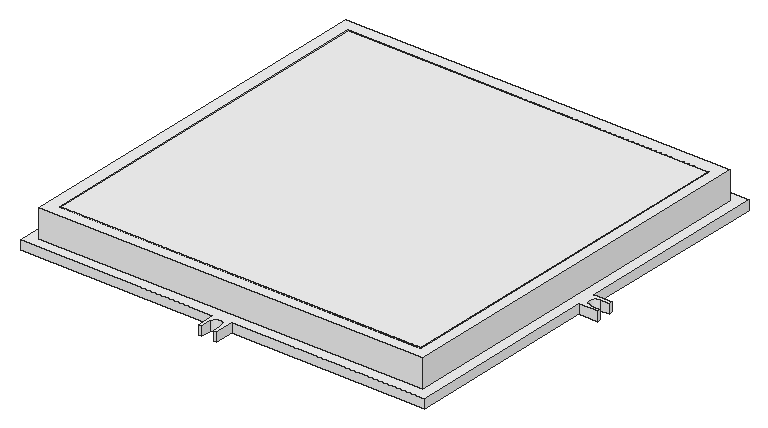
Revit family "Plumbing Fixture-FloorDrain_Mifab_C1300-S-1", category Plumbing Fixtures, host Face, Revit 2013
Parameters
  WFU = 0
  URL = "WWW.MIFAB.COM"
  Model = "C1300-S-1"
  Manufacturer = "MIFAB"
  Floor Drain Material = Paint - Sherwin Williams Paint - #952C2A - Bellwood Red
  Description = "SCORIATED FLOOR ACESS COVERS"
  Default Elevation = 0.000"
  Cover Size = 8.300"
Reference planes (in)
  plane 1 "Center (Front/Back)": y = 0
  plane 2: z = 0
  plane 3 "Center (Left/Right)": x = 0
  plane 4: x = -4.15
  plane 5: y = -4.15
  plane 6: x = 4.15
  plane 7: y = 4.15
Forms (in)
  Extrusion 1, solid, material "Paint - Sherwin Williams Paint - #952C2A - Bellwood Red" <- "Floor Drain Material"
    sketch origin (0, 0, 0) x (1, 0, 0) y (0, 1, 0)
      loop
        line (-4.15, 4.15) -> (-4.15, -4.15) -> (4.15, -4.15) -> (4.15, 4.15) -> (-4.15, 4.15)
      loop
        line (-3.675, 3.675) -> (-3.675, -3.675) -> (3.675, -3.675) -> (3.675, 3.675) -> (-3.675, 3.675)
    from 0 to -0.8
  Extrusion 2, void
    sketch origin (0, 0, 0) x (1, 0, 0) y (0, 1, 0)
      loop
        line (-3.9, 3.9) -> (-3.9, -3.9) -> (3.9, -3.9) -> (3.9, 3.9) -> (-3.9, 3.9)
    from 0 to -0.13
  Extrusion 3, void
    sketch origin (0, 0, 0) x (1, 0, 0) y (0, 1, 0)
      loop
        line (-4, 4) -> (-4, -4) -> (4, -4) -> (4, 4) -> (-4, 4)
    from -0.3 to -0.8
  Extrusion 4, solid, material "Paint - Sherwin Williams Paint - #952C2A - Bellwood Red" <- "Floor Drain Material"
    sketch origin (0, 0, 0) x (1, 0, 0) y (0, 1, 0)
      loop
        line (-3.9, 3.9) -> (-3.9, -3.9) -> (3.9, -3.9) -> (3.9, 3.9) -> (-3.9, 3.9)
    from 0 to -0.13
  Extrusion 5, solid, material "Paint - Sherwin Williams Paint - #952C2A - Bellwood Red" <- "Floor Drain Material"
    sketch origin (0, 0, 0) x (1, 0, 0) y (0, 1, 0)
      loop
        line (-4.375, 4.375) -> (-4.375, -4.375) -> (4.375, -4.375) -> (4.375, 4.375) -> (-4.375, 4.375)
      loop
        line (-4.15, 4.15) -> (-4.15, -4.15) -> (4.15, -4.15) -> (4.15, 4.15) -> (-4.15, 4.15)
    from -0.6 to -0.8
  Extrusion 6, solid, material "Paint - Sherwin Williams Paint - #952C2A - Bellwood Red" <- "Floor Drain Material"
    sketch origin (0, 0, 0) x (1, 0, 0) y (0, 1, 0)
      loop
        line (-0.2, 4.77) -> (-0.2, 4.37) -> (0.2, 4.37) -> (0.2, 4.77) -> (0.125, 4.77) -> (0.125, 4.57)
        arc (0.125, 4.57) -> (0, 4.445) -> (-0.125, 4.57) r 0.125
        line (-0.125, 4.57) -> (-0.125, 4.77) -> (-0.2, 4.77)
      loop
        line (-0.2, -4.37) -> (-0.2, -4.77) -> (-0.125, -4.77) -> (-0.125, -4.57)
        arc (-0.125, -4.57) -> (0, -4.445) -> (0.125, -4.57) r 0.125
        line (0.125, -4.57) -> (0.125, -4.77) -> (0.2, -4.77) -> (0.2, -4.37) -> (-0.2, -4.37)
      loop
        line (-4.77, 0.2) -> (-4.77, 0.125) -> (-4.57, 0.125)
        arc (-4.57, 0.125) -> (-4.445, 0) -> (-4.57, -0.125) r 0.125
        line (-4.57, -0.125) -> (-4.77, -0.125) -> (-4.77, -0.2) -> (-4.37, -0.2) -> (-4.37, 0.2) -> (-4.77, 0.2)
      loop
        line (4.37, 0.2) -> (4.37, -0.2) -> (4.77, -0.2) -> (4.77, -0.125) -> (4.57, -0.125)
        arc (4.57, -0.125) -> (4.445, 0) -> (4.57, 0.125) r 0.125
        line (4.57, 0.125) -> (4.77, 0.125) -> (4.77, 0.2) -> (4.37, 0.2)
    from -0.6 to -0.8
  Extrusion 7, solid, material "Paint - Sherwin Williams Paint - #952C2A - Bellwood Red" <- "Floor Drain Material"
    sketch origin (0, 0, 0) x (1, 0, 0) y (0, 1, 0)
      loop
        line (-3.6, 3.6) -> (-3.6, -3.6) -> (3.6, -3.6) -> (3.6, 3.6) -> (-3.6, 3.6)
    from 0 to -0.25
Cuts and joins
  Extrusion 2, Extrusion 3 cuts Extrusion 1
  joined: Extrusion 1, Extrusion 5, Extrusion 6
  joined: Extrusion 4, Extrusion 7
Lines and regions (in)
  model lines
    curve 1: line (-4.15, 4.15, 0) -> (4.15, 4.15, 0)
    curve 2: line (-4.15, -4.15, 0) -> (-4.15, 4.15, 0)
    curve 3: line (4.15, -4.15, 0) -> (-4.15, -4.15, 0)
    curve 4: line (4.15, 4.15, 0) -> (4.15, -4.15, 0)
Dimensions and locks (in)
  "Cover Size": plane 7 to plane 5
  "Cover Size": plane 4 to plane 6
  equal spacing: plane 4, plane 3 "Center (Left/Right)", plane 6
  equal spacing: plane 7, plane 1 "Center (Front/Back)", plane 5
  locked: Extrusion 1 sketch curve to Extrusion 1 sketch curve at 0.475  (x4)
  locked: Extrusion 2 sketch curve to plane 7 at 0.25
  locked: plane 4 to Extrusion 2 sketch curve at 0.25
  locked: Extrusion 2 sketch curve to plane 5 at 0.25
  locked: Extrusion 2 sketch curve to plane 6 at 0.25
  locked: plane 4 to Extrusion 3 sketch curve at 0.15
  locked: Extrusion 3 sketch curve to plane 7 at 0.15
  locked: Extrusion 3 sketch curve to plane 6 at 0.15
  locked: Extrusion 3 sketch curve to plane 5 at 0.15
  locked: Extrusion 4 sketch curve to plane 6 at 0.25
  locked: Extrusion 4 sketch curve to plane 7 at 0.25
  locked: Extrusion 4 sketch curve to plane 5 at 0.25
  locked: plane 4 to Extrusion 4 sketch curve at 0.25
  locked: Extrusion 5 sketch curve to plane 4 at 0.225
  locked: Extrusion 5 sketch curve to plane 7 at 0.225
  locked: plane 6 to Extrusion 5 sketch curve at 0.225
  locked: plane 5 to Extrusion 5 sketch curve at 0.225
  locked: Extrusion 6 sketch curve to Extrusion 6 sketch curve at 0.4  (x8)
  locked: Extrusion 6 sketch curve to plane 7 at 0.22
  equal spacing: Extrusion 6 sketch curve, plane 3 "Center (Left/Right)", Extrusion 6 sketch curve
  Extrusion 6 sketch curve to Extrusion 6 sketch curve = 0.400"  (x7)
  equal spacing: Extrusion 6 sketch curve, Extrusion 6 sketch curve, Extrusion 6 sketch curve  (x2)
  locked: Extrusion 6 sketch curve to plane 4 at 0.22
  locked: plane 6 to Extrusion 6 sketch curve at 0.22
  locked: Extrusion 6 sketch curve to plane 5 at 0.22
  locked: cut or joined group of Extrusion 1, Extrusion 2, Extrusion 3, Extrusion 5, Extrusion 6 to Extrusion 7 sketch curve at 0.075
  locked: Extrusion 7 sketch curve to cut or joined group of Extrusion 1, Extrusion 2, Extrusion 3, Extrusion 5, Extrusion 6 at 0.075  (x3)
  aligned and locked: plane 2 to host face
  aligned and locked: level to host face
  aligned and locked: Extrusion 1 sketch curve to plane 7
  aligned and locked: plane 5 to Extrusion 1 sketch curve
  aligned and locked: Extrusion 1 sketch curve to plane 6
  aligned and locked: Extrusion 5 sketch curve to plane 7
  aligned and locked: plane 4 to Extrusion 5 sketch curve
  aligned and locked: Extrusion 5 sketch curve to cut or joined group of Extrusion 1, Extrusion 2, Extrusion 3, Extrusion 5, Extrusion 6
  aligned and locked: curve 1 to plane 7
  aligned and locked: plane 4 to curve 2
  aligned and locked: plane 5 to curve 3
  aligned and locked: curve 4 to plane 6
Automatic sketch dimensions
  host sketch curve to host sketch curve = 96.000"  (x2)
  Extrusion 1 sketch curve to plane 4 = 0.000"
  Extrusion 5 sketch curve to plane 5 = 0.000"
  Extrusion 6 sketch curve to plane 3 "Center (Left/Right)" = 0.200"
  Extrusion 6 sketch curve to plane 5 = 0.620"
  Extrusion 6 sketch curve to plane 3 "Center (Left/Right)" = 0.000"  (x2)
  plane 1 "Center (Front/Back)" to Extrusion 6 sketch curve = 0.000"  (x2)
  Extrusion 6 sketch curve to Extrusion 6 sketch curve = 0.125"
  plane 1 "Center (Front/Back)" to Extrusion 6 sketch curve = 0.125"  (x2)
  Extrusion 6 sketch curve to Extrusion 6 sketch curve = 0.200"  (x3)
  Extrusion 6 sketch curve to Extrusion 6 sketch curve = 0.075"
  Extrusion 6 sketch curve to plane 4 = 0.420"
  Extrusion 6 sketch curve to plane 4 = 0.620"
  plane 7 to Extrusion 6 sketch curve = 0.420"
  Extrusion 6 sketch curve to plane 3 "Center (Left/Right)" = 0.125"
